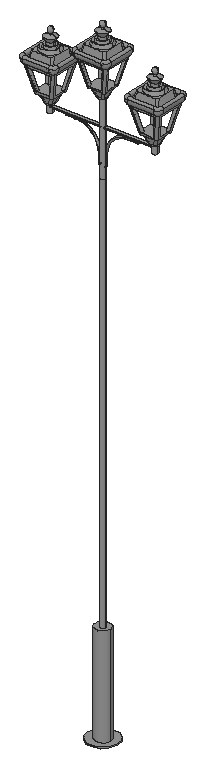
Revit family "Стальной фонарный столб Ретро 3 мод.17 Арт 9940", category Антураж, Revit 2018
Family settings
  На основе рабочей плоскости = Нет
  Всегда вертикально = Да
  При загрузке вырезать с полостями = Нет
  Источник визуального образа = Геометрия семейства
  Общий = Нет
  Точка расчета площади = Нет
Parameters (values of type "Версия 6,39 м")
  Ширина = 368 mm  # constant formula
  Цвет каркаса = Сталь
  Описание = if([Версия 3,89 м], "Стальной фонарный столб Ретро 3 мод.17. Версия 3,89 м", if([Версия 4,39 м], "Стальной фонарный столб Ретро 3 мод.17. Версия 4,39 м", if([Версия 4,89 м], "Стальной фонарный столб Ретро 3 мод.17. Версия 4,89 м", if([Версия 5,39 м], "Стальной фонарный столб Ретро 3 мод.17. Версия 5,39 м", if([Версия 5,89 м], "Стальной фонарный столб Ретро 3 мод.17. Версия 5,89 м", "Стальной фонарный столб Ретро 3 мод.17. Версия 6,39 м")))))  # "Стальной фонарный столб Ретро 3 мод.17. Версия 6,39 м"
  Материал изделия = "Сталь"  # constant formula
  Изображение типоразмера = Стальной фонарный столб Ретро 3 мод.17 Арт 9940.jpg
  Изготовитель = "ООО «Хоббика»"  # constant formula
  Длина = 1405 mm  # constant formula
  Группа модели = "Светильники со стальными опорами"  # constant formula
  Высота опоры = Высота - 1397 mm  # 4993 mm
  Высота = if([Версия 3,89 м], 3890 mm, if([Версия 4,39 м], 4390 mm, if([Версия 4,89 м], 4890 mm, if([Версия 5,39 м], 5390 mm, if([Версия 5,89 м], 5890 mm, 6390 mm)))))  # 6390 mm
  Версия 5,89 м = no
  Версия 5,39 м = no
  Версия 4,89 м = no
  Версия 4,39 м = no
  Версия 3,89 м = no
  Артикул товара = "Арт. 9940"  # constant formula
  URL = "https://hobbyka.ru/product/stalnoy_fonarnyy_retro_3_mod_17/"
Types (7, lengths in mm): name | Описание | Высота опоры | Высота | Версия 5,89 м | Версия 5,39 м | Версия 4,89 м | Версия 4,39 м | Версия 3,89 м
  (no name) | "Стальной фонарный столб Ретро 3 мод.17. Версия 6,39 м" | 4993 | 6390 | no | no | no | no | no
  Версия 3,89 м | "Стальной фонарный столб Ретро 3 мод.17. Версия 3,89 м" | 2493 | 3890 | no | no | no | no | yes
  Версия 4,39 м | "Стальной фонарный столб Ретро 3 мод.17. Версия 4,39 м" | 2993 | 4390 | no | no | no | yes | no
  Версия 4,89 м | "Стальной фонарный столб Ретро 3 мод.17. Версия 4,89 м" | 3493 | 4890 | no | no | yes | no | no
  Версия 5,39 м | "Стальной фонарный столб Ретро 3 мод.17. Версия 5,39 м" | 3993 | 5390 | no | yes | no | no | no
  Версия 5,89 м | "Стальной фонарный столб Ретро 3 мод.17. Версия 5,89 м" | 4493 | 5890 | yes | no | no | no | no
  Версия 6,39 м | "Стальной фонарный столб Ретро 3 мод.17. Версия 6,39 м" | 4993 | 6390 | no | no | no | no | no
Reference planes
  plane 1 "По центру (Вперед/Назад)": y = 0
  plane 2: z = 0
  plane 3 "По центру (Влево/Вправо)": x = 0
  plane 4: y = 368
  plane 5: x = 1405
  plane 6: z = 6390
Forms (mm)
  Extrusion 1, solid, material "Сталь" <- "Цвет каркаса"
    sketch origin (701.781, 183.219, 0) x (1, 0, 0) y (0, 1, 0)
      loop
        circle (0, 0) r 150
    from 0 to 10
  Extrusion 2, solid, material "Сталь" <- "Цвет каркаса"
    sketch origin (701.781, 183.219, 0) x (1, 0, 0) y (0, 1, 0)
      loop
        circle (0, 0) r 75
    from 0 to 1000
  Extrusion 3, solid, material "Сталь" <- "Цвет каркаса"
    sketch origin (0, 0, 0) x (1, 0, 0) y (0, 1, 0)
      loop
        circle (701.781, 183.219) r 25
    from 1000 to 4993 <- "Высота опоры"
Dimensions and locks
  "Длина": plane 3 "По центру (Влево/Вправо)" to plane 5
  "Ширина": plane 4 to plane 1 "По центру (Вперед/Назад)"
  "Высота": plane 6 to level
  aligned and locked: level to plane 2
  aligned and locked: nested 1 to plane 6
  aligned and locked: Extrusion 3 to Extrusion 2
Automatic sketch dimensions
  Extrusion 1 sketch curve to plane 1 "По центру (Вперед/Назад)" = 183.219 mm
  plane 3 "По центру (Влево/Вправо)" to Extrusion 1 sketch curve = 701.781 mm
  Extrusion 2 sketch curve to plane 1 "По центру (Вперед/Назад)" = 183.219 mm
  plane 3 "По центру (Влево/Вправо)" to Extrusion 2 sketch curve = 701.781 mm
  Extrusion 3 sketch curve to plane 1 "По центру (Вперед/Назад)" = 183.219 mm
  plane 3 "По центру (Влево/Вправо)" to Extrusion 3 sketch curve = 701.781 mm
  radius of Extrusion 1 sketch curve = 150 mm
  radius of Extrusion 2 sketch curve = 75 mm
  radius of Extrusion 3 sketch curve = 25 mm
Nested families
  nested 1: "Стальной фонарный столб Ретро 3 мод.17 Севетильник" at (701.781, 183.219, 4992.536), type "Стальной фонарный столб Ретро 3 мод.17 Севетильник"
Definition of nested family "Стальной фонарный столб Ретро 3 мод.17 Севетильник"
  Parameters (values of type "Стальной фонарный столб Ретро 3 мод.17 Севетильник")
    Цвет каркаса = none
    Height = 0 mm
  Reference planes
    plane 1 "По центру (Вперед/Назад)": y = 0
    plane 2: z = 0
    plane 3 "По центру (Влево/Вправо)": x = 0
    plane 4: z = 1397.464
  Forms (mm)
    Extrusion 1, solid, material <- "Цвет каркаса"
      sketch origin (0, 0, 0) x (1, 0, 0) y (0, 1, 0)
        loop
          circle (0, 0) r 25
      from 0 to 718.31
    Extrusion 2, solid, material <- "Цвет каркаса"
      sketch origin (-520, 0, 0) x (1, 0, 0) y (0, 1, 0)
        loop
          circle (0, 0) r 25
      from 402.865 to 484.979
    Extrusion 3, solid, material <- "Цвет каркаса"
      sketch origin (520, 0, 0) x (1, 0, 0) y (0, 1, 0)
        loop
          circle (0, 0) r 25
      from 402.865 to 484.979
    Sweep 4, solid, material <- "Цвет каркаса"
      path origin (0, 0, 0) x (1, 0, 0) y (0, 0, 1)
        loop
          line (-520, 459.979) -> (520, 459.979)
      profile origin (0, 0, 459.979) x (0, 0, 1) y (0, -1, 0)
        loop
          circle (0, 0) r 15
    Sweep 5, solid, material <- "Цвет каркаса"
      path origin (0, 0, 0) x (1, 0, 0) y (0, 0, 1)
        loop
          line (-357.091, 444.395) -> (-257.091, 444.395)
          arc (-257.091, 444.395) -> (-92.978, 376.417) -> (-25, 212.303) r 232.091
          line (-25, 212.303) -> (-25, 112.303)
      profile origin (-307.091, 0, 444.395) x (0, 0, 1) y (0, -1, 0)
        loop
          circle (-6.916, 0) r 7.5
    Sweep 6, solid, material <- "Цвет каркаса"
      path origin (0, 0, 0) x (-1, 0, 0) y (0, 0, 1)
        loop
          line (-357.091, 444.395) -> (-257.091, 444.395)
          arc (-257.091, 444.395) -> (-92.978, 376.417) -> (-25, 212.303) r 232.091
          line (-25, 212.303) -> (-25, 112.303)
      profile origin (307.091, 0, 444.395) x (0, 0, -1) y (0, -1, 0)
        loop
          circle (6.916, 0) r 7.5
    Blend 7, solid, material <- "Цвет каркаса"
      base sketch origin (0, 0, 0) x (1, 0, 0) y (0, 1, 0)
        loop
          arc (-590, 90) -> (-604.142, 84.142) -> (-610, 70) r 20
          line (-610, 70) -> (-610, -70)
          arc (-610, -70) -> (-604.142, -84.142) -> (-590, -90) r 20
          line (-590, -90) -> (-450, -90)
          arc (-450, -90) -> (-435.858, -84.142) -> (-430, -70) r 20
          line (-430, -70) -> (-430, 70)
          arc (-430, 70) -> (-435.858, 84.142) -> (-450, 90) r 20
          line (-450, 90) -> (-590, 90)
      top sketch origin (0, 0, 0) x (1, 0, 0) y (0, 1, 0)
        loop
          arc (-650, 150) -> (-664.142, 144.142) -> (-670, 130) r 20
          line (-670, 130) -> (-670, -130)
          arc (-670, -130) -> (-664.142, -144.142) -> (-650, -150) r 20
          line (-650, -150) -> (-390, -150)
          arc (-390, -150) -> (-375.858, -144.142) -> (-370, -130) r 20
          line (-370, -130) -> (-370, 130)
          arc (-370, 130) -> (-375.858, 144.142) -> (-390, 150) r 20
          line (-390, 150) -> (-650, 150)
      from 580.468 to 847.079
    Extrusion 8, solid, material <- "Цвет каркаса"
      sketch origin (0, 0, 0) x (1, 0, 0) y (0, 1, 0)
        loop
          circle (-520, 0) r 40
      from 484.979 to 496.04
    Blend 9, solid, material <- "Цвет каркаса"
      base sketch origin (0, 0, 0) x (1, 0, 0) y (0, 1, 0)
        loop
          arc (-540, 40) -> (-554.142, 34.142) -> (-560, 20) r 20
          line (-560, 20) -> (-560, -20)
          arc (-560, -20) -> (-554.142, -34.142) -> (-540, -40) r 20
          line (-540, -40) -> (-500, -40)
          arc (-500, -40) -> (-485.858, -34.142) -> (-480, -20) r 20
          line (-480, -20) -> (-480, 20)
          arc (-480, 20) -> (-485.858, 34.142) -> (-500, 40) r 20
          line (-500, 40) -> (-540, 40)
      top sketch origin (0, 0, 0) x (1, 0, 0) y (0, 1, 0)
        loop
          arc (-575, 75) -> (-589.142, 69.142) -> (-595, 55) r 20
          line (-595, 55) -> (-595, -55)
          arc (-595, -55) -> (-589.142, -69.142) -> (-575, -75) r 20
          line (-575, -75) -> (-465, -75)
          arc (-465, -75) -> (-450.858, -69.142) -> (-445, -55) r 20
          line (-445, -55) -> (-445, 55)
          arc (-445, 55) -> (-450.858, 69.142) -> (-465, 75) r 20
          line (-465, 75) -> (-575, 75)
      from 496.04 to 580.468
    Extrusion 10, void
      sketch origin (0, 0, 0) x (1, 0, 0) y (0, 0, 1)
        loop
          line (-635, 824.979) -> (-585, 594.979) -> (-455, 594.979) -> (-405, 824.979) -> (-635, 824.979)
      from -150 to 150
    Extrusion 11, void
      sketch origin (-520, 520, 0) x (0, 1, 0) y (0, 0, 1)
        loop
          line (-635, 824.979) -> (-585, 594.979) -> (-455, 594.979) -> (-405, 824.979) -> (-635, 824.979)
      from -150 to 150
    Sweep 12, solid, material <- "Цвет каркаса"
      path origin (0, 0, 0) x (1, 0, 0) y (0, 1, 0)
        loop
          line (-390, 150) -> (-650, 150)
          arc (-650, 150) -> (-664.142, 144.142) -> (-670, 130) r 20
          line (-670, 130) -> (-670, -130)
          arc (-670, -130) -> (-664.142, -144.142) -> (-650, -150) r 20
          line (-650, -150) -> (-390, -150)
          arc (-390, -150) -> (-375.858, -144.142) -> (-370, -130) r 20
          line (-370, -130) -> (-370, 130)
          arc (-370, 130) -> (-375.858, 144.142) -> (-390, 150) r 20
      profile origin (-670, 0, 0) x (1, 0, 0) y (0, 0, 1)
        loop
          arc (-33.219, 907.974) -> (-26.14, 872.327) -> (0, 847.079) r 60.827
          line (0, 847.079) -> (2.794, 847.079)
          arc (2.794, 847.079) -> (-9.841, 867.165) -> (-13.358, 890.634) r 57.9
          arc (-13.358, 890.634) -> (-4.209, 921.156) -> (-33.219, 907.974) r 17.5
    Blend 13, solid, material <- "Цвет каркаса"
      base sketch origin (0, 0, 0) x (1, 0, 0) y (0, 1, 0)
        loop
          line (-405, 132.206) -> (-635, 132.206)
          arc (-635, 132.206) -> (-647.166, 127.166) -> (-652.206, 115) r 17.206
          line (-652.206, 115) -> (-652.206, -115)
          arc (-652.206, -115) -> (-647.166, -127.166) -> (-635, -132.206) r 17.206
          line (-635, -132.206) -> (-405, -132.206)
          arc (-405, -132.206) -> (-392.834, -127.166) -> (-387.794, -115) r 17.206
          line (-387.794, -115) -> (-387.794, 115)
          arc (-387.794, 115) -> (-392.834, 127.166) -> (-405, 132.206) r 17.206
      top sketch origin (0, 0, 0) x (1, 0, 0) y (0, 1, 0)
        loop
          line (-430, 107.206) -> (-610, 107.206)
          arc (-610, 107.206) -> (-622.166, 102.166) -> (-627.206, 90) r 17.206
          line (-627.206, 90) -> (-627.206, -90)
          arc (-627.206, -90) -> (-622.166, -102.166) -> (-610, -107.206) r 17.206
          line (-610, -107.206) -> (-430, -107.206)
          arc (-430, -107.206) -> (-417.834, -102.166) -> (-412.794, -90) r 17.206
          line (-412.794, -90) -> (-412.794, 90)
          arc (-412.794, 90) -> (-417.834, 102.166) -> (-430, 107.206) r 17.206
      from 847.079 to 964.043
    Revolve 14, solid, material <- "Цвет каркаса"
      sketch origin (0, 0, 0) x (1, 0, 0) y (0, 0, 1)
        loop
          line (-520, 1164.043) -> (-520, 964.043) -> (-421.397, 964.043) -> (-434.401, 989.887) -> (-454.401, 989.887) -> (-459.577, 1009.205) -> (-484.577, 1009.205) -> (-484.577, 1039.205) -> (-458.766, 1076.067) -> (-510.449, 1094.878) -> (-510.449, 1109.878)
          arc (-510.449, 1109.878) -> (-497.531, 1140.08) -> (-520, 1164.043) r 30.03
        axis (-520, 964.043) -> (-520, 1164.043)
      angle from 0 to 360
    Blend 15, solid, material <- "Цвет каркаса", not visible
      base sketch origin (0, 0, 0) x (1, 0, 0) y (0, 1, 0)
        loop
          arc (-590, 90) -> (-604.142, 84.142) -> (-610, 70) r 20
          line (-610, 70) -> (-610, -70)
          arc (-610, -70) -> (-604.142, -84.142) -> (-590, -90) r 20
          line (-590, -90) -> (-450, -90)
          arc (-450, -90) -> (-435.858, -84.142) -> (-430, -70) r 20
          line (-430, -70) -> (-430, 70)
          arc (-430, 70) -> (-435.858, 84.142) -> (-450, 90) r 20
          line (-450, 90) -> (-590, 90)
      top sketch origin (0, 0, 0) x (1, 0, 0) y (0, 1, 0)
        loop
          arc (-650, 150) -> (-664.142, 144.142) -> (-670, 130) r 20
          line (-670, 130) -> (-670, -130)
          arc (-670, -130) -> (-664.142, -144.142) -> (-650, -150) r 20
          line (-650, -150) -> (-390, -150)
          arc (-390, -150) -> (-375.858, -144.142) -> (-370, -130) r 20
          line (-370, -130) -> (-370, 130)
          arc (-370, 130) -> (-375.858, 144.142) -> (-390, 150) r 20
          line (-390, 150) -> (-650, 150)
      from 580.468 to 847.079
    Extrusion 16, solid, material <- "Цвет каркаса", not visible
      sketch origin (0, 0, 0) x (1, 0, 0) y (0, 1, 0)
        loop
          circle (-520, 0) r 40
      from 484.979 to 496.04
    Blend 17, solid, material <- "Цвет каркаса", not visible
      base sketch origin (0, 0, 0) x (1, 0, 0) y (0, 1, 0)
        loop
          arc (-540, 40) -> (-554.142, 34.142) -> (-560, 20) r 20
          line (-560, 20) -> (-560, -20)
          arc (-560, -20) -> (-554.142, -34.142) -> (-540, -40) r 20
          line (-540, -40) -> (-500, -40)
          arc (-500, -40) -> (-485.858, -34.142) -> (-480, -20) r 20
          line (-480, -20) -> (-480, 20)
          arc (-480, 20) -> (-485.858, 34.142) -> (-500, 40) r 20
          line (-500, 40) -> (-540, 40)
      top sketch origin (0, 0, 0) x (1, 0, 0) y (0, 1, 0)
        loop
          arc (-575, 75) -> (-589.142, 69.142) -> (-595, 55) r 20
          line (-595, 55) -> (-595, -55)
          arc (-595, -55) -> (-589.142, -69.142) -> (-575, -75) r 20
          line (-575, -75) -> (-465, -75)
          arc (-465, -75) -> (-450.858, -69.142) -> (-445, -55) r 20
          line (-445, -55) -> (-445, 55)
          arc (-445, 55) -> (-450.858, 69.142) -> (-465, 75) r 20
          line (-465, 75) -> (-575, 75)
      from 496.04 to 580.468
    Extrusion 18, void, not visible
      sketch origin (0, 0, 0) x (1, 0, 0) y (0, 0, 1)
        loop
          line (-635, 824.979) -> (-585, 594.979) -> (-455, 594.979) -> (-405, 824.979) -> (-635, 824.979)
      from -150 to 150
    Extrusion 19, void, not visible
      sketch origin (-520, 520, 0) x (0, 1, 0) y (0, 0, 1)
        loop
          line (-635, 824.979) -> (-585, 594.979) -> (-455, 594.979) -> (-405, 824.979) -> (-635, 824.979)
      from -150 to 150
    Sweep 20, solid, material <- "Цвет каркаса", not visible
      path origin (0, 0, 0) x (1, 0, 0) y (0, 1, 0)
        loop
          line (-390, 150) -> (-650, 150)
          arc (-650, 150) -> (-664.142, 144.142) -> (-670, 130) r 20
          line (-670, 130) -> (-670, -130)
          arc (-670, -130) -> (-664.142, -144.142) -> (-650, -150) r 20
          line (-650, -150) -> (-390, -150)
          arc (-390, -150) -> (-375.858, -144.142) -> (-370, -130) r 20
          line (-370, -130) -> (-370, 130)
          arc (-370, 130) -> (-375.858, 144.142) -> (-390, 150) r 20
      profile origin (-670, 0, 0) x (1, 0, 0) y (0, 0, 1)
        loop
          arc (-33.219, 907.974) -> (-26.14, 872.327) -> (0, 847.079) r 60.827
          line (0, 847.079) -> (2.794, 847.079)
          arc (2.794, 847.079) -> (-9.841, 867.165) -> (-13.358, 890.634) r 57.9
          arc (-13.358, 890.634) -> (-4.209, 921.156) -> (-33.219, 907.974) r 17.5
    Blend 21, solid, material <- "Цвет каркаса", not visible
      base sketch origin (0, 0, 0) x (1, 0, 0) y (0, 1, 0)
        loop
          line (-405, 132.206) -> (-635, 132.206)
          arc (-635, 132.206) -> (-647.166, 127.166) -> (-652.206, 115) r 17.206
          line (-652.206, 115) -> (-652.206, -115)
          arc (-652.206, -115) -> (-647.166, -127.166) -> (-635, -132.206) r 17.206
          line (-635, -132.206) -> (-405, -132.206)
          arc (-405, -132.206) -> (-392.834, -127.166) -> (-387.794, -115) r 17.206
          line (-387.794, -115) -> (-387.794, 115)
          arc (-387.794, 115) -> (-392.834, 127.166) -> (-405, 132.206) r 17.206
      top sketch origin (0, 0, 0) x (1, 0, 0) y (0, 1, 0)
        loop
          line (-430, 107.206) -> (-610, 107.206)
          arc (-610, 107.206) -> (-622.166, 102.166) -> (-627.206, 90) r 17.206
          line (-627.206, 90) -> (-627.206, -90)
          arc (-627.206, -90) -> (-622.166, -102.166) -> (-610, -107.206) r 17.206
          line (-610, -107.206) -> (-430, -107.206)
          arc (-430, -107.206) -> (-417.834, -102.166) -> (-412.794, -90) r 17.206
          line (-412.794, -90) -> (-412.794, 90)
          arc (-412.794, 90) -> (-417.834, 102.166) -> (-430, 107.206) r 17.206
      from 847.079 to 964.043
    Revolve 22, solid, material <- "Цвет каркаса", not visible
      sketch origin (0, 0, 0) x (1, 0, 0) y (0, 0, 1)
        loop
          line (-520, 1164.043) -> (-520, 964.043) -> (-421.397, 964.043) -> (-434.401, 989.887) -> (-454.401, 989.887) -> (-459.577, 1009.205) -> (-484.577, 1009.205) -> (-484.577, 1039.205) -> (-458.766, 1076.067) -> (-510.449, 1094.878) -> (-510.449, 1109.878)
          arc (-510.449, 1109.878) -> (-497.531, 1140.08) -> (-520, 1164.043) r 30.03
        axis (-520, 964.043) -> (-520, 1164.043)
      angle from 0 to 360
    Blend 23, solid, material <- "Цвет каркаса"
      base sketch origin (520, 0, 233.332) x (1, 0, 0) y (0, 1, 0)
        loop
          arc (-590, 90) -> (-604.142, 84.142) -> (-610, 70) r 20
          line (-610, 70) -> (-610, -70)
          arc (-610, -70) -> (-604.142, -84.142) -> (-590, -90) r 20
          line (-590, -90) -> (-450, -90)
          arc (-450, -90) -> (-435.858, -84.142) -> (-430, -70) r 20
          line (-430, -70) -> (-430, 70)
          arc (-430, 70) -> (-435.858, 84.142) -> (-450, 90) r 20
          line (-450, 90) -> (-590, 90)
      top sketch origin (520, 0, 233.332) x (1, 0, 0) y (0, 1, 0)
        loop
          arc (-650, 150) -> (-664.142, 144.142) -> (-670, 130) r 20
          line (-670, 130) -> (-670, -130)
          arc (-670, -130) -> (-664.142, -144.142) -> (-650, -150) r 20
          line (-650, -150) -> (-390, -150)
          arc (-390, -150) -> (-375.858, -144.142) -> (-370, -130) r 20
          line (-370, -130) -> (-370, 130)
          arc (-370, 130) -> (-375.858, 144.142) -> (-390, 150) r 20
          line (-390, 150) -> (-650, 150)
      from 580.468 to 847.079
    Extrusion 24, solid, material <- "Цвет каркаса"
      sketch origin (520, 0, 233.332) x (1, 0, 0) y (0, 1, 0)
        loop
          circle (-520, 0) r 40
      from 484.979 to 496.04
    Blend 25, solid, material <- "Цвет каркаса"
      base sketch origin (520, 0, 233.332) x (1, 0, 0) y (0, 1, 0)
        loop
          arc (-540, 40) -> (-554.142, 34.142) -> (-560, 20) r 20
          line (-560, 20) -> (-560, -20)
          arc (-560, -20) -> (-554.142, -34.142) -> (-540, -40) r 20
          line (-540, -40) -> (-500, -40)
          arc (-500, -40) -> (-485.858, -34.142) -> (-480, -20) r 20
          line (-480, -20) -> (-480, 20)
          arc (-480, 20) -> (-485.858, 34.142) -> (-500, 40) r 20
          line (-500, 40) -> (-540, 40)
      top sketch origin (520, 0, 233.332) x (1, 0, 0) y (0, 1, 0)
        loop
          arc (-575, 75) -> (-589.142, 69.142) -> (-595, 55) r 20
          line (-595, 55) -> (-595, -55)
          arc (-595, -55) -> (-589.142, -69.142) -> (-575, -75) r 20
          line (-575, -75) -> (-465, -75)
          arc (-465, -75) -> (-450.858, -69.142) -> (-445, -55) r 20
          line (-445, -55) -> (-445, 55)
          arc (-445, 55) -> (-450.858, 69.142) -> (-465, 75) r 20
          line (-465, 75) -> (-575, 75)
      from 496.04 to 580.468
    Extrusion 26, void
      sketch origin (520, 0, 233.332) x (1, 0, 0) y (0, 0, 1)
        loop
          line (-635, 824.979) -> (-585, 594.979) -> (-455, 594.979) -> (-405, 824.979) -> (-635, 824.979)
      from -150 to 150
    Extrusion 27, void
      sketch origin (0, 520, 233.332) x (0, 1, 0) y (0, 0, 1)
        loop
          line (-635, 824.979) -> (-585, 594.979) -> (-455, 594.979) -> (-405, 824.979) -> (-635, 824.979)
      from -150 to 150
    Sweep 28, solid, material <- "Цвет каркаса"
      path origin (520, 0, 233.332) x (1, 0, 0) y (0, 1, 0)
        loop
          line (-390, 150) -> (-650, 150)
          arc (-650, 150) -> (-664.142, 144.142) -> (-670, 130) r 20
          line (-670, 130) -> (-670, -130)
          arc (-670, -130) -> (-664.142, -144.142) -> (-650, -150) r 20
          line (-650, -150) -> (-390, -150)
          arc (-390, -150) -> (-375.858, -144.142) -> (-370, -130) r 20
          line (-370, -130) -> (-370, 130)
          arc (-370, 130) -> (-375.858, 144.142) -> (-390, 150) r 20
      profile origin (-150, 0, 233.332) x (1, 0, 0) y (0, 0, 1)
        loop
          arc (-33.219, 907.974) -> (-26.14, 872.327) -> (0, 847.079) r 60.827
          line (0, 847.079) -> (2.794, 847.079)
          arc (2.794, 847.079) -> (-9.841, 867.165) -> (-13.358, 890.634) r 57.9
          arc (-13.358, 890.634) -> (-4.209, 921.156) -> (-33.219, 907.974) r 17.5
    Blend 29, solid, material <- "Цвет каркаса"
      base sketch origin (520, 0, 233.332) x (1, 0, 0) y (0, 1, 0)
        loop
          line (-405, 132.206) -> (-635, 132.206)
          arc (-635, 132.206) -> (-647.166, 127.166) -> (-652.206, 115) r 17.206
          line (-652.206, 115) -> (-652.206, -115)
          arc (-652.206, -115) -> (-647.166, -127.166) -> (-635, -132.206) r 17.206
          line (-635, -132.206) -> (-405, -132.206)
          arc (-405, -132.206) -> (-392.834, -127.166) -> (-387.794, -115) r 17.206
          line (-387.794, -115) -> (-387.794, 115)
          arc (-387.794, 115) -> (-392.834, 127.166) -> (-405, 132.206) r 17.206
      top sketch origin (520, 0, 233.332) x (1, 0, 0) y (0, 1, 0)
        loop
          line (-430, 107.206) -> (-610, 107.206)
          arc (-610, 107.206) -> (-622.166, 102.166) -> (-627.206, 90) r 17.206
          line (-627.206, 90) -> (-627.206, -90)
          arc (-627.206, -90) -> (-622.166, -102.166) -> (-610, -107.206) r 17.206
          line (-610, -107.206) -> (-430, -107.206)
          arc (-430, -107.206) -> (-417.834, -102.166) -> (-412.794, -90) r 17.206
          line (-412.794, -90) -> (-412.794, 90)
          arc (-412.794, 90) -> (-417.834, 102.166) -> (-430, 107.206) r 17.206
      from 847.079 to 964.043
    Revolve 30, solid, material <- "Цвет каркаса"
      sketch origin (520, 0, 233.332) x (1, 0, 0) y (0, 0, 1)
        loop
          line (-520, 1164.043) -> (-520, 964.043) -> (-421.397, 964.043) -> (-434.401, 989.887) -> (-454.401, 989.887) -> (-459.577, 1009.205) -> (-484.577, 1009.205) -> (-484.577, 1039.205) -> (-458.766, 1076.067) -> (-510.449, 1094.878) -> (-510.449, 1109.878)
          arc (-510.449, 1109.878) -> (-497.531, 1140.08) -> (-520, 1164.043) r 30.03
        axis (-520, 964.043) -> (-520, 1164.043)
      angle from 0 to 360
    Blend 31, solid, material <- "Цвет каркаса"
      base sketch origin (1040, 0, 0) x (1, 0, 0) y (0, 1, 0)
        loop
          arc (-590, 90) -> (-604.142, 84.142) -> (-610, 70) r 20
          line (-610, 70) -> (-610, -70)
          arc (-610, -70) -> (-604.142, -84.142) -> (-590, -90) r 20
          line (-590, -90) -> (-450, -90)
          arc (-450, -90) -> (-435.858, -84.142) -> (-430, -70) r 20
          line (-430, -70) -> (-430, 70)
          arc (-430, 70) -> (-435.858, 84.142) -> (-450, 90) r 20
          line (-450, 90) -> (-590, 90)
      top sketch origin (1040, 0, 0) x (1, 0, 0) y (0, 1, 0)
        loop
          arc (-650, 150) -> (-664.142, 144.142) -> (-670, 130) r 20
          line (-670, 130) -> (-670, -130)
          arc (-670, -130) -> (-664.142, -144.142) -> (-650, -150) r 20
          line (-650, -150) -> (-390, -150)
          arc (-390, -150) -> (-375.858, -144.142) -> (-370, -130) r 20
          line (-370, -130) -> (-370, 130)
          arc (-370, 130) -> (-375.858, 144.142) -> (-390, 150) r 20
          line (-390, 150) -> (-650, 150)
      from 580.468 to 847.079
    Extrusion 32, solid, material <- "Цвет каркаса"
      sketch origin (1040, 0, 0) x (1, 0, 0) y (0, 1, 0)
        loop
          circle (-520, 0) r 40
      from 484.979 to 496.04
    Blend 33, solid, material <- "Цвет каркаса"
      base sketch origin (1040, 0, 0) x (1, 0, 0) y (0, 1, 0)
        loop
          arc (-540, 40) -> (-554.142, 34.142) -> (-560, 20) r 20
          line (-560, 20) -> (-560, -20)
          arc (-560, -20) -> (-554.142, -34.142) -> (-540, -40) r 20
          line (-540, -40) -> (-500, -40)
          arc (-500, -40) -> (-485.858, -34.142) -> (-480, -20) r 20
          line (-480, -20) -> (-480, 20)
          arc (-480, 20) -> (-485.858, 34.142) -> (-500, 40) r 20
          line (-500, 40) -> (-540, 40)
      top sketch origin (1040, 0, 0) x (1, 0, 0) y (0, 1, 0)
        loop
          arc (-575, 75) -> (-589.142, 69.142) -> (-595, 55) r 20
          line (-595, 55) -> (-595, -55)
          arc (-595, -55) -> (-589.142, -69.142) -> (-575, -75) r 20
          line (-575, -75) -> (-465, -75)
          arc (-465, -75) -> (-450.858, -69.142) -> (-445, -55) r 20
          line (-445, -55) -> (-445, 55)
          arc (-445, 55) -> (-450.858, 69.142) -> (-465, 75) r 20
          line (-465, 75) -> (-575, 75)
      from 496.04 to 580.468
    Extrusion 34, void
      sketch origin (1040, 0, 0) x (1, 0, 0) y (0, 0, 1)
        loop
          line (-635, 824.979) -> (-585, 594.979) -> (-455, 594.979) -> (-405, 824.979) -> (-635, 824.979)
      from -150 to 150
    Extrusion 35, void
      sketch origin (520, 520, 0) x (0, 1, 0) y (0, 0, 1)
        loop
          line (-635, 824.979) -> (-585, 594.979) -> (-455, 594.979) -> (-405, 824.979) -> (-635, 824.979)
      from -150 to 150
    Sweep 36, solid, material <- "Цвет каркаса"
      path origin (1040, 0, 0) x (1, 0, 0) y (0, 1, 0)
        loop
          line (-390, 150) -> (-650, 150)
          arc (-650, 150) -> (-664.142, 144.142) -> (-670, 130) r 20
          line (-670, 130) -> (-670, -130)
          arc (-670, -130) -> (-664.142, -144.142) -> (-650, -150) r 20
          line (-650, -150) -> (-390, -150)
          arc (-390, -150) -> (-375.858, -144.142) -> (-370, -130) r 20
          line (-370, -130) -> (-370, 130)
          arc (-370, 130) -> (-375.858, 144.142) -> (-390, 150) r 20
      profile origin (370, 0, 0) x (1, 0, 0) y (0, 0, 1)
        loop
          arc (-33.219, 907.974) -> (-26.14, 872.327) -> (0, 847.079) r 60.827
          line (0, 847.079) -> (2.794, 847.079)
          arc (2.794, 847.079) -> (-9.841, 867.165) -> (-13.358, 890.634) r 57.9
          arc (-13.358, 890.634) -> (-4.209, 921.156) -> (-33.219, 907.974) r 17.5
    Blend 37, solid, material <- "Цвет каркаса"
      base sketch origin (1040, 0, 0) x (1, 0, 0) y (0, 1, 0)
        loop
          line (-405, 132.206) -> (-635, 132.206)
          arc (-635, 132.206) -> (-647.166, 127.166) -> (-652.206, 115) r 17.206
          line (-652.206, 115) -> (-652.206, -115)
          arc (-652.206, -115) -> (-647.166, -127.166) -> (-635, -132.206) r 17.206
          line (-635, -132.206) -> (-405, -132.206)
          arc (-405, -132.206) -> (-392.834, -127.166) -> (-387.794, -115) r 17.206
          line (-387.794, -115) -> (-387.794, 115)
          arc (-387.794, 115) -> (-392.834, 127.166) -> (-405, 132.206) r 17.206
      top sketch origin (1040, 0, 0) x (1, 0, 0) y (0, 1, 0)
        loop
          line (-430, 107.206) -> (-610, 107.206)
          arc (-610, 107.206) -> (-622.166, 102.166) -> (-627.206, 90) r 17.206
          line (-627.206, 90) -> (-627.206, -90)
          arc (-627.206, -90) -> (-622.166, -102.166) -> (-610, -107.206) r 17.206
          line (-610, -107.206) -> (-430, -107.206)
          arc (-430, -107.206) -> (-417.834, -102.166) -> (-412.794, -90) r 17.206
          line (-412.794, -90) -> (-412.794, 90)
          arc (-412.794, 90) -> (-417.834, 102.166) -> (-430, 107.206) r 17.206
      from 847.079 to 964.043
    Revolve 38, solid, material <- "Цвет каркаса"
      sketch origin (1040, 0, 0) x (1, 0, 0) y (0, 0, 1)
        loop
          line (-520, 1164.043) -> (-520, 964.043) -> (-421.397, 964.043) -> (-434.401, 989.887) -> (-454.401, 989.887) -> (-459.577, 1009.205) -> (-484.577, 1009.205) -> (-484.577, 1039.205) -> (-458.766, 1076.067) -> (-510.449, 1094.878) -> (-510.449, 1109.878)
          arc (-510.449, 1109.878) -> (-497.531, 1140.08) -> (-520, 1164.043) r 30.03
        axis (-520, 964.043) -> (-520, 1164.043)
      angle from 0 to 360
  Cuts and joins
    Extrusion 10, Extrusion 11, Extrusion 26, Extrusion 27 cuts Blend 7
    Extrusion 26, Extrusion 27, Extrusion 34, Extrusion 35 cuts Blend 23
    Extrusion 34, Extrusion 35 cuts Blend 31
  Dimensions and locks
    aligned and locked: level to plane 2
